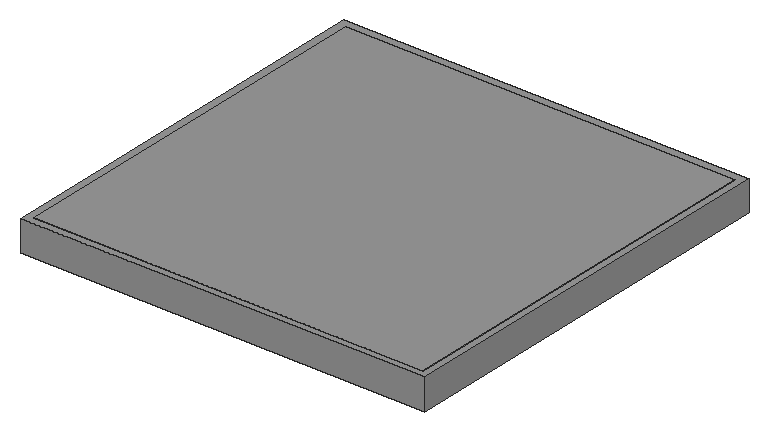
Revit family "ДВО-09 30 Вт Грильято DALI", category Осветительные приборы, Revit 2019 (continued)
Types (6, lengths in mm): name | Эффективность светильника | Файл фотометрической сетки | Тип рассеивателя | Световой поток модуля | built-in parameter 1150142 | Wattage | built-in parameter 1114217 | built-in parameter 1150134 | Lumens | built-in parameter 1150105 | Категория по ограничению яркости | built-in parameter 1150107 | built-in parameter 1150106 | Габаритная яркость | Артикул | URL
  ДВО-09-О-30-4К-IP40-Грильято-DALI | "123" | "INNOLUX 14 954 DVO-09-O-30-4K-IP40-DALI.ies" | "опал" | "1078" | "IESNA: LM-63-1995\r\n[TEST] lab - arhilight 2102145\r\n[MANUFAC] INNOLUX\r\n[LUMCAT] 14 954\r\n[LUMINAIRE] DVO-09-O-30-4Ê-IP40-DALI\r\n[LAMPCAT] LED 30W 4000K\r\n[MORE]\r\n[MORE]\r\n[LAMPCAT]\r\n[LAMP] \r\n[BALLAST] NO\r\n[_PRODUCTGROUP] \r\n[_INFOLINK] This file is created by A.Arkhipov (www.arhilight.ru)\r\nTILT=NONE\r\n \r\n1 3434 1 161 73 1 2 0.588 0.588 0.045\r\n 1  1 30.0\r\n\r\n0 1 2 3 4 5 6 7 8 9 10 11 12 13 14 15 16 17 18 19 20 21 22 23 24 25 26 27 28 29 30 31 32 33 34 35 36 37 38 39 40 41 42 43 44 45 46 47 48 49 50 51 52 53 54 55 56 57 58 59 60 61 62 63 64 65 66 67 68 69 70 71 72 73 74 75 76 77 78 79 80 81 82 83 84 85 86 87 88 89 90 91 92 93 94 95 96 97 98 99 100 101 102 103 104 105 106 107 108 109 110 111 112 113 114 115 116 117 118 119 120 121 122 123 124 125 126 127 128 129 130 131 132 133 134 135 136 137 138 139 140 141 142 143 144 145 146 147 148 149 150 151 152 153 154 155 156 157 158 159 160\r\n\r\n0 2.5 5 7.5 10 12.5 15 17.5 20 22.5 25 27.5 30 32.5 35 37.5 40 42.5 45 47.5 50 52.5 55 57.5 60 62.5 65 67.5 70 72.5 75 77.5 80 82.5 85 87.5 90 92.5 95 97.5 100 102.5 105 107.5 110 112.5 115 117.5 120 122.5 125 127.5 130 132.5 135 137.5 140 142.5 145 147.5 150 152.5 155 157.5 160 162.5 165 167.5 170 172.5 175 177.5 180 \r\n\r\n1213.1 1212.5 1211.3 1209.5 1207.5 1205.0 1202.2 1198.8 1194.8 1190.7 1186.0 1181.0 1175.4 1169.1 1162.5 1155.4 1147.9 1140.1 1131.6 1123.0 1114.0 1104.9 1095.6 1085.8 1075.4 1064.4 1053.3 1041.6 1029.7 1017.2 1004.6 991.4 978.3 964.7 951.1 937.4 923.4 908.9 894.5 879.4 864.4 848.5 832.5 815.9 799.4 782.4 765.5 748.1 730.8 713.1 695.7 677.3 659.3 640.5 621.9 602.4 583.3 563.7 544.6 524.8 505.4 485.4 465.4 444.8 424.7 403.8 382.9 362.4 341.4 320.7 299.8 279.3 258.6 238.4 217.9 198.2 178.3 159.2 140.1 121.9 104.0 87.4 71.6 57.5 44.5 33.3 24.2 17.3 12.3 9.1 7.2 6.3 6.1 6.1 6.1 6.2 6.1 6.2 6.3 6.2 0.0 0.0 0.0 0.0 0.0 0.0 0.0 0.0 0.0 0.0 0.0 0.0 0.0 0.0 0.0 0.0 0.0 0.0 0.0 0.0 0.0 0.0 0.0 0.0 0.0 0.0 0.0 0.0 0.0 0.0 0.0 0.0 0.0 0.0 0.0 0.0 0.0 0.0 0.0 0.0 0.0 0.0 0.0 0.0 0.0 0.0 0.0 0.0 0.0 0.0 0.0 0.0 0.0 0.0 0.0 0.0 0.0 0.0 0.0 0.0 0.0\r\n1213.1 1212.5 1211.4 1209.7 1207.7 1205.2 1202.4 1199.0 1195.1 1191.1 1186.4 1181.3 1175.8 1169.6 1163.1 1156.1 1148.7 1141.0 1132.7 1124.2 1115.2 1105.9 1096.5 1086.6 1076.2 1065.2 1054.2 1042.6 1030.9 1018.7 1006.2 993.3 980.2 966.5 952.8 939.0 924.7 910.3 895.5 880.5 865.0 849.3 833.2 816.8 800.2 783.4 766.4 749.3 732.0 714.6 697.1 679.1 660.9 642.4 623.7 604.6 585.4 566.0 546.5 526.9 507.2 487.3 467.1 446.8 426.5 405.8 385.0 364.5 343.5 322.9 301.9 281.4 260.6 240.4 219.8 200.1 180.2 161.0 141.9 123.4 105.7 88.9 73.1 58.6 45.7 34.3 25.1 18.0 12.9 9.6 7.6 6.6 6.2 6.1 6.2 6.2 6.2 6.2 6.3 6.3 0.0 0.0 0.0 0.0 0.0 0.0 0.0 0.0 0.0 0.0 0.0 0.0 0.0 0.0 0.0 0.0 0.0 0.0 0.0 0.0 0.0 0.0 0.0 0.0 0.0 0.0 0.0 0.0 0.0 0.0 0.0 0.0 0.0 0.0 0.0 0.0 0.0 0.0 0.0 0.0 0.0 0.0 0.0 0.0 0.0 0.0 0.0 0.0 0.0 0.0 0.0 0.0 0.0 0.0 0.0 0.0 0.0 0.0 0.0 0.0 0.0\r\n1213.1 1212.4 1211.4 1209.9 1207.9 1205.4 1202.5 1199.2 1195.4 1191.4 1186.7 1181.5 1176.1 1170.0 1163.6 1156.8 1149.5 1141.8 1133.8 1125.3 1116.3 1106.9 1097.4 1087.3 1076.9 1066.0 1055.1 1043.6 1032.1 1020.1 1007.7 995.1 982.0 968.3 954.5 940.5 926.0 911.6 896.4 881.5 865.6 850.1 833.9 817.7 801.0 784.3 767.3 750.5 733.2 716.1 698.4 680.8 662.5 644.3 625.5 606.7 587.4 568.2 548.4 528.9 509.0 489.1 468.8 448.8 428.2 407.8 387.1 366.6 345.6 325.0 304.0 283.4 262.5 242.3 221.7 201.9 182.0 162.7 143.6 124.9 107.4 90.3 74.6 59.7 46.8 35.2 26.0 18.6 13.5 10.1 7.9 6.9 6.3 6.1 6.2 6.2 6.2 6.2 6.3 6.4 0.0 0.0 0.0 0.0 0.0 0.0 0.0 0.0 0.0 0.0 0.0 0.0 0.0 0.0 0.0 0.0 0.0 0.0 0.0 0.0 0.0 0.0 0.0 0.0 0.0 0.0 0.0 0.0 0.0 0.0 0.0 0.0 0.0 0.0 0.0 0.0 0.0 0.0 0.0 0.0 0.0 0.0 0.0 0.0 0.0 0.0 0.0 0.0 0.0 0.0 0.0 0.0 0.0 0.0 0.0 0.0 0.0 0.0 0.0 0.0 0.0\r\n1213.1 1212.4 1211.2 1209.5 1207.3 1204.6 1201.4 1197.9 1193.9 1189.7 1184.8 1179.6 1173.9 1167.8 1161.1 1154.1 1146.5 1138.6 1130.3 1121.6 1112.5 1102.9 1093.3 1083.0 1072.6 1061.6 1050.5 1038.7 1027.0 1014.6 1002.0 989.0 975.7 961.8 947.9 933.7 919.2 904.6 889.6 874.5 859.0 843.5 827.5 811.2 794.7 777.8 760.8 743.6 726.1 708.5 690.7 672.6 654.3 635.8 617.2 598.2 579.1 559.8 540.3 520.6 500.6 480.7 460.3 440.2 419.4 399.0 378.2 357.6 336.7 316.2 295.3 275.0 254.3 234.4 214.1 194.5 175.0 156.0 137.2 119.1 101.8 85.3 70.0 55.8 43.3 32.6 23.9 17.1 12.4 9.3 7.5 6.7 6.4 6.3 6.4 6.4 6.3 6.4 6.5 6.6 0.0 0.0 0.0 0.0 0.0 0.0 0.0 0.0 0.0 0.0 0.0 0.0 0.0 0.0 0.0 0.0 0.0 0.0 0.0 0.0 0.0 0.0 0.0 0.0 0.0 0.0 0.0 0.0 0.0 0.0 0.0 0.0 0.0 0.0 0.0 0.0 0.0 0.0 0.0 0.0 0.0 0.0 0.0 0.0 0.0 0.0 0.0 0.0 0.0 0.0 0.0 0.0 0.0 0.0 0.0 0.0 0.0 0.0 0.0 0.0 0.0\r\n1213.1 1212.4 1211.0 1209.0 1206.6 1203.8 1200.3 1196.6 1192.3 1187.9 1182.9 1177.6 1171.6 1165.5 1158.5 1151.3 1143.5 1135.3 1126.8 1117.8 1108.6 1098.9 1089.1 1078.7 1068.2 1057.1 1045.8 1033.8 1021.8 1009.1 996.3 982.8 969.3 955.2 941.2 926.8 912.4 897.5 882.7 867.5 852.4 836.8 821.0 804.7 788.4 771.2 754.2 736.6 719.0 700.8 683.0 664.4 646.1 627.2 608.8 589.7 570.8 551.3 532.1 512.2 492.1 472.3 451.8 431.6 410.6 390.1 369.2 348.6 327.7 307.3 286.6 266.5 246.0 226.4 206.4 187.1 167.9 149.3 130.8 113.3 96.2 80.2 65.4 51.9 39.8 29.9 21.7 15.6 11.2 8.5 7.0 6.5 6.4 6.4 6.5 6.6 6.4 6.6 6.7 6.7 0.0 0.0 0.0 0.0 0.0 0.0 0.0 0.0 0.0 0.0 0.0 0.0 0.0 0.0 0.0 0.0 0.0 0.0 0.0 0.0 0.0 0.0 0.0 0.0 0.0 0.0 0.0 0.0 0.0 0.0 0.0 0.0 0.0 0.0 0.0 0.0 0.0 0.0 0.0 0.0 0.0 0.0 0.0 0.0 0.0 0.0 0.0 0.0 0.0 0.0 0.0 0.0 0.0 0.0 0.0 0.0 0.0 0.0 0.0 0.0 0.0\r\n1213.1 1212.5 1211.3 1209.5 1207.5 1205.0 1202.2 1198.8 1194.8 1190.7 1186.0 1181.0 1175.4 1169.1 1162.5 1155.4 1147.9 1140.1 1131.6 1123.0 1114.0 1104.9 1095.6 1085.8 1075.4 1064.4 1053.3 1041.6 1029.7 1017.2 1004.6 991.4 978.3 964.7 951.1 937.4 923.4 908.9 894.5 879.4 864.4 848.5 832.5 815.9 799.4 782.4 765.5 748.1 730.8 713.1 695.7 677.3 659.3 640.5 621.9 602.4 583.3 563.7 544.6 524.8 505.4 485.4 465.4 444.8 424.7 403.8 382.9 362.4 341.4 320.7 299.8 279.3 258.6 238.4 217.9 198.2 178.3 159.2 140.1 121.9 104.0 87.4 71.6 57.5 44.5 33.3 24.2 17.3 12.3 9.1 7.2 6.3 6.1 6.1 6.1 6.2 6.1 6.2 6.3 6.2 0.0 0.0 0.0 0.0 0.0 0.0 0.0 0.0 0.0 0.0 0.0 0.0 0.0 0.0 0.0 0.0 0.0 0.0 0.0 0.0 0.0 0.0 0.0 0.0 0.0 0.0 0.0 0.0 0.0 0.0 0.0 0.0 0.0 0.0 0.0 0.0 0.0 0.0 0.0 0.0 0.0 0.0 0.0 0.0 0.0 0.0 0.0 0.0 0.0 0.0 0.0 0.0 0.0 0.0 0.0 0.0 0.0 0.0 0.0 0.0 0.0\r\n1213.1 1212.5 1211.4 1209.7 1207.7 1205.2 1202.4 1199.0 1195.1 1191.1 1186.4 1181.3 1175.8 1169.6 1163.1 1156.1 1148.7 1141.0 1132.7 1124.2 1115.2 1105.9 1096.5 1086.6 1076.2 1065.2 1054.2 1042.6 1030.9 1018.7 1006.2 993.3 980.2 966.5 952.8 939.0 924.7 910.3 895.5 880.5 865.0 849.3 833.2 816.8 800.2 783.4 766.4 749.3 732.0 714.6 697.1 679.1 660.9 642.4 623.7 604.6 585.4 566.0 546.5 526.9 507.2 487.3 467.1 446.8 426.5 405.8 385.0 364.5 343.5 322.9 301.9 281.4 260.6 240.4 219.8 200.1 180.2 161.0 141.9 123.4 105.7 88.9 73.1 58.6 45.7 34.3 25.1 18.0 12.9 9.6 7.6 6.6 6.2 6.1 6.2 6.2 6.2 6.2 6.3 6.3 0.0 0.0 0.0 0.0 0.0 0.0 0.0 0.0 0.0 0.0 0.0 0.0 0.0 0.0 0.0 0.0 0.0 0.0 0.0 0.0 0.0 0.0 0.0 0.0 0.0 0.0 0.0 0.0 0.0 0.0 0.0 0.0 0.0 0.0 0.0 0.0 0.0 0.0 0.0 0.0 0.0 0.0 0.0 0.0 0.0 0.0 0.0 0.0 0.0 0.0 0.0 0.0 0.0 0.0 0.0 0.0 0.0 0.0 0.0 0.0 0.0\r\n1213.1 1212.4 1211.4 1209.9 1207.9 1205.4 1202.5 1199.2 1195.4 1191.4 1186.7 1181.5 1176.1 1170.0 1163.6 1156.8 1149.5 1141.8 1133.8 1125.3 1116.3 1106.9 1097.4 1087.3 1076.9 1066.0 1055.1 1043.6 1032.1 1020.1 1007.7 995.1 982.0 968.3 954.5 940.5 926.0 911.6 896.4 881.5 865.6 850.1 833.9 817.7 801.0 784.3 767.3 750.5 733.2 716.1 698.4 680.8 662.5 644.3 625.5 606.7 587.4 568.2 548.4 528.9 509.0 489.1 468.8 448.8 428.2 407.8 387.1 366.6 345.6 325.0 304.0 283.4 262.5 242.3 221.7 201.9 182.0 162.7 143.6 124.9 107.4 90.3 74.6 59.7 46.8 35.2 26.0 18.6 13.5 10.1 7.9 6.9 6.3 6.1 6.2 6.2 6.2 6.2 6.3 6.4 0.0 0.0 0.0 0.0 0.0 0.0 0.0 0.0 0.0 0.0 0.0 0.0 0.0 0.0 0.0 0.0 0.0 0.0 0.0 0.0 0.0 0.0 0.0 0.0 0.0 0.0 0.0 0.0 0.0 0.0 0.0 0.0 0.0 0.0 0.0 0.0 0.0 0.0 0.0 0.0 0.0 0.0 0.0 0.0 0.0 0.0 0.0 0.0 0.0 0.0 0.0 0.0 0.0 0.0 0.0 0.0 0.0 0.0 0.0 0.0 0.0\r\n1213.1 1212.4 1211.2 1209.5 1207.3 1204.6 1201.4 1197.9 1193.9 1189.7 1184.8 1179.6 1173.9 1167.8 1161.1 1154.1 1146.5 1138.6 1130.3 1121.6 1112.5 1102.9 1093.3 1083.0 1072.6 1061.6 1050.5 1038.7 1027.0 1014.6 1002.0 989.0 975.7 961.8 947.9 933.7 919.2 904.6 889.6 874.5 859.0 843.5 827.5 811.2 794.7 777.8 760.8 743.6 726.1 708.5 690.7 672.6 654.3 635.8 617.2 598.2 579.1 559.8 540.3 520.6 500.6 480.7 460.3 440.2 419.4 399.0 378.2 357.6 336.7 316.2 295.3 275.0 254.3 234.4 214.1 194.5 175.0 156.0 137.2 119.1 101.8 85.3 70.0 55.8 43.3 32.6 23.9 17.1 12.4 9.3 7.5 6.7 6.4 6.3 6.4 6.4 6.3 6.4 6.5 6.6 0.0 0.0 0.0 0.0 0.0 0.0 0.0 0.0 0.0 0.0 0.0 0.0 0.0 0.0 0.0 0.0 0.0 0.0 0.0 0.0 0.0 0.0 0.0 0.0 0.0 0.0 0.0 0.0 0.0 0.0 0.0 0.0 0.0 0.0 0.0 0.0 0.0 0.0 0.0 0.0 0.0 0.0 0.0 0.0 0.0 0.0 0.0 0.0 0.0 0.0 0.0 0.0 0.0 0.0 0.0 0.0 0.0 0.0 0.0 0.0 0.0\r\n1213.1 1212.4 1211.0 1209.0 1206.6 1203.8 1200.3 1196.6 1192.3 1187.9 1182.9 1177.6 1171.6 1165.5 1158.5 1151.3 1143.5 1135.3 1126.8 1117.8 1108.6 1098.9 1089.1 1078.7 1068.2 1057.1 1045.8 1033.8 1021.8 1009.1 996.3 982.8 969.3 955.2 941.2 926.8 912.4 897.5 882.7 867.5 852.4 836.8 821.0 804.7 788.4 771.2 754.2 736.6 719.0 700.8 683.0 664.4 646.1 627.2 608.8 589.7 570.8 551.3 532.1 512.2 492.1 472.3 451.8 431.6 410.6 390.1 369.2 348.6 327.7 307.3 286.6 266.5 246.0 226.4 206.4 187.1 167.9 149.3 130.8 113.3 96.2 80.2 65.4 51.9 39.8 29.9 21.7 15.6 11.2 8.5 7.0 6.5 6.4 6.4 6.5 6.6 6.4 6.6 6.7 6.7 0.0 0.0 0.0 0.0 0.0 0.0 0.0 0.0 0.0 0.0 0.0 0.0 0.0 0.0 0.0 0.0 0.0 0.0 0.0 0.0 0.0 0.0 0.0 0.0 0.0 0.0 0.0 0.0 0.0 0.0 0.0 0.0 0.0 0.0 0.0 0.0 0.0 0.0 0.0 0.0 0.0 0.0 0.0 0.0 0.0 0.0 0.0 0.0 0.0 0.0 0.0 0.0 0.0 0.0 0.0 0.0 0.0 0.0 0.0 0.0 0.0\r\n1213.1 1212.5 1211.3 1209.5 1207.5 1205.0 1202.2 1198.8 1194.8 1190.7 1186.0 1181.0 1175.4 1169.1 1162.5 1155.4 1147.9 1140.1 1131.6 1123.0 1114.0 1104.9 1095.6 1085.8 1075.4 1064.4 1053.3 1041.6 1029.7 1017.2 1004.6 991.4 978.3 964.7 951.1 937.4 923.4 908.9 894.5 879.4 864.4 848.5 832.5 815.9 799.4 782.4 765.5 748.1 730.8 713.1 695.7 677.3 659.3 640.5 621.9 602.4 583.3 563.7 544.6 524.8 505.4 485.4 465.4 444.8 424.7 403.8 382.9 362.4 341.4 320.7 299.8 279.3 258.6 238.4 217.9 198.2 178.3 159.2 140.1 121.9 104.0 87.4 71.6 57.5 44.5 33.3 24.2 17.3 12.3 9.1 7.2 6.3 6.1 6.1 6.1 6.2 6.1 6.2 6.3 6.2 0.0 0.0 0.0 0.0 0.0 0.0 0.0 0.0 0.0 0.0 0.0 0.0 0.0 0.0 0.0 0.0 0.0 0.0 0.0 0.0 0.0 0.0 0.0 0.0 0.0 0.0 0.0 0.0 0.0 0.0 0.0 0.0 0.0 0.0 0.0 0.0 0.0 0.0 0.0 0.0 0.0 0.0 0.0 0.0 0.0 0.0 0.0 0.0 0.0 0.0 0.0 0.0 0.0 0.0 0.0 0.0 0.0 0.0 0.0 0.0 0.0\r\n1213.1 1212.5 1211.4 1209.7 1207.7 1205.2 1202.4 1199.0 1195.1 1191.1 1186.4 1181.3 1175.8 1169.6 1163.1 1156.1 1148.7 1141.0 1132.7 1124.2 1115.2 1105.9 1096.5 1086.6 1076.2 1065.2 1054.2 1042.6 1030.9 1018.7 1006.2 993.3 980.2 966.5 952.8 939.0 924.7 910.3 895.5 880.5 865.0 849.3 833.2 816.8 800.2 783.4 766.4 749.3 732.0 714.6 697.1 679.1 660.9 642.4 623.7 604.6 585.4 566.0 546.5 526.9 507.2 487.3 467.1 446.8 426.5 405.8 385.0 364.5 343.5 322.9 301.9 281.4 260.6 240.4 219.8 200.1 180.2 161.0 141.9 123.4 105.7 88.9 73.1 58.6 45.7 34.3 25.1 18.0 12.9 9.6 7.6 6.6 6.2 6.1 6.2 6.2 6.2 6.2 6.3 6.3 0.0 0.0 0.0 0.0 0.0 0.0 0.0 0.0 0.0 0.0 0.0 0.0 0.0 0.0 0.0 0.0 0.0 0.0 0.0 0.0 0.0 0.0 0.0 0.0 0.0 0.0 0.0 0.0 0.0 0.0 0.0 0.0 0.0 0.0 0.0 0.0 0.0 0.0 0.0 0.0 0.0 0.0 0.0 0.0 0.0 0.0 0.0 0.0 0.0 0.0 0.0 0.0 0.0 0.0 0.0 0.0 0.0 0.0 0.0 0.0 0.0\r\n1213.1 1212.4 1211.4 1209.9 1207.9 1205.4 1202.5 1199.2 1195.4 1191.4 1186.7 1181.5 1176.1 1170.0 1163.6 1156.8 1149.5 1141.8 1133.8 1125.3 1116.3 1106.9 1097.4 1087.3 1076.9 1066.0 1055.1 1043.6 1032.1 1020.1 1007.7 995.1 982.0 968.3 954.5 940.5 926.0 911.6 896.4 881.5 865.6 850.1 833.9 817.7 801.0 784.3 767.3 750.5 733.2 716.1 698.4 680.8 662.5 644.3 625.5 606.7 587.4 568.2 548.4 528.9 509.0 489.1 468.8 448.8 428.2 407.8 387.1 366.6 345.6 325.0 304.0 283.4 262.5 242.3 221.7 201.9 182.0 162.7 143.6 124.9 107.4 90.3 74.6 59.7 46.8 35.2 26.0 18.6 13.5 10.1 7.9 6.9 6.3 6.1 6.2 6.2 6.2 6.2 6.3 6.4 0.0 0.0 0.0 0.0 0.0 0.0 0.0 0.0 0.0 0.0 0.0 0.0 0.0 0.0 0.0 0.0 0.0 0.0 0.0 0.0 0.0 0.0 0.0 0.0 0.0 0.0 0.0 0.0 0.0 0.0 0.0 0.0 0.0 0.0 0.0 0.0 0.0 0.0 0.0 0.0 0.0 0.0 0.0 0.0 0.0 0.0 0.0 0.0 0.0 0.0 0.0 0.0 0.0 0.0 0.0 0.0 0.0 0.0 0.0 0.0 0.0\r\n1213.1 1212.4 1211.2 1209.5 1207.3 1204.6 1201.4 1197.9 1193.9 1189.7 1184.8 1179.6 1173.9 1167.8 1161.1 1154.1 1146.5 1138.6 1130.3 1121.6 1112.5 1102.9 1093.3 1083.0 1072.6 1061.6 1050.5 1038.7 1027.0 1014.6 1002.0 989.0 975.7 961.8 947.9 933.7 919.2 904.6 889.6 874.5 859.0 843.5 827.5 811.2 794.7 777.8 760.8 743.6 726.1 708.5 690.7 672.6 654.3 635.8 617.2 598.2 579.1 559.8 540.3 520.6 500.6 480.7 460.3 440.2 419.4 399.0 378.2 357.6 336.7 316.2 295.3 275.0 254.3 234.4 214.1 194.5 175.0 156.0 137.2 119.1 101.8 85.3 70.0 55.8 43.3 32.6 23.9 17.1 12.4 9.3 7.5 6.7 6.4 6.3 6.4 6.4 6.3 6.4 6.5 6.6 0.0 0.0 0.0 0.0 0.0 0.0 0.0 0.0 0.0 0.0 0.0 0.0 0.0 0.0 0.0 0.0 0.0 0.0 0.0 0.0 0.0 0.0 0.0 0.0 0.0 0.0 0.0 0.0 0.0 0.0 0.0 0.0 0.0 0.0 0.0 0.0 0.0 0.0 0.0 0.0 0.0 0.0 0.0 0.0 0.0 0.0 0.0 0.0 0.0 0.0 0.0 0.0 0.0 0.0 0.0 0.0 0.0 0.0 0.0 0.0 0.0\r\n1213.1 1212.4 1211.0 1209.0 1206.6 1203.8 1200.3 1196.6 1192.3 1187.9 1182.9 1177.6 1171.6 1165.5 1158.5 1151.3 1143.5 1135.3 1126.8 1117.8 1108.6 1098.9 1089.1 1078.7 1068.2 1057.1 1045.8 1033.8 1021.8 1009.1 996.3 982.8 969.3 955.2 941.2 926.8 912.4 897.5 882.7 867.5 852.4 836.8 821.0 804.7 788.4 771.2 754.2 736.6 719.0 700.8 683.0 664.4 646.1 627.2 608.8 589.7 570.8 551.3 532.1 512.2 492.1 472.3 451.8 431.6 410.6 390.1 369.2 348.6 327.7 307.3 286.6 266.5 246.0 226.4 206.4 187.1 167.9 149.3 130.8 113.3 96.2 80.2 65.4 51.9 39.8 29.9 21.7 15.6 11.2 8.5 7.0 6.5 6.4 6.4 6.5 6.6 6.4 6.6 6.7 6.7 0.0 0.0 0.0 0.0 0.0 0.0 0.0 0.0 0.0 0.0 0.0 0.0 0.0 0.0 0.0 0.0 0.0 0.0 0.0 0.0 0.0 0.0 0.0 0.0 0.0 0.0 0.0 0.0 0.0 0.0 0.0 0.0 0.0 0.0 0.0 0.0 0.0 0.0 0.0 0.0 0.0 0.0 0.0 0.0 0.0 0.0 0.0 0.0 0.0 0.0 0.0 0.0 0.0 0.0 0.0 0.0 0.0 0.0 0.0 0.0 0.0\r\n1213.1 1212.5 1211.3 1209.5 1207.5 1205.0 1202.2 1198.8 1194.8 1190.7 1186.0 1181.0 1175.4 1169.1 1162.5 1155.4 1147.9 1140.1 1131.6 1123.0 1114.0 1104.9 1095.6 1085.8 1075.4 1064.4 1053.3 1041.6 1029.7 1017.2 1004.6 991.4 978.3 964.7 951.1 937.4 923.4 908.9 894.5 879.4 864.4 848.5 832.5 815.9 799.4 782.4 765.5 748.1 730.8 713.1 695.7 677.3 659.3 640.5 621.9 602.4 583.3 563.7 544.6 524.8 505.4 485.4 465.4 444.8 424.7 403.8 382.9 362.4 341.4 320.7 299.8 279.3 258.6 238.4 217.9 198.2 178.3 159.2 140.1 121.9 104.0 87.4 71.6 57.5 44.5 33.3 24.2 17.3 12.3 9.1 7.2 6.3 6.1 6.1 6.1 6.2 6.1 6.2 6.3 6.2 0.0 0.0 0.0 0.0 0.0 0.0 0.0 0.0 0.0 0.0 0.0 0.0 0.0 0.0 0.0 0.0 0.0 0.0 0.0 0.0 0.0 0.0 0.0 0.0 0.0 0.0 0.0 0.0 0.0 0.0 0.0 0.0 0.0 0.0 0.0 0.0 0.0 0.0 0.0 0.0 0.0 0.0 0.0 0.0 0.0 0.0 0.0 0.0 0.0 0.0 0.0 0.0 0.0 0.0 0.0 0.0 0.0 0.0 0.0 0.0 0.0\r\n1213.1 1212.5 1211.4 1209.7 1207.7 1205.2 1202.4 1199.0 1195.1 1191.1 1186.4 1181.3 1175.8 1169.6 1163.1 1156.1 1148.7 1141.0 1132.7 1124.2 1115.2 1105.9 1096.5 1086.6 1076.2 1065.2 1054.2 1042.6 1030.9 1018.7 1006.2 993.3 980.2 966.5 952.8 939.0 924.7 910.3 895.5 880.5 865.0 849.3 833.2 816.8 800.2 783.4 766.4 749.3 732.0 714.6 697.1 679.1 660.9 642.4 623.7 604.6 585.4 566.0 546.5 526.9 507.2 487.3 467.1 446.8 426.5 405.8 385.0 364.5 343.5 322.9 301.9 281.4 260.6 240.4 219.8 200.1 180.2 161.0 141.9 123.4 105.7 88.9 73.1 58.6 45.7 34.3 25.1 18.0 12.9 9.6 7.6 6.6 6.2 6.1 6.2 6.2 6.2 6.2 6.3 6.3 0.0 0.0 0.0 0.0 0.0 0.0 0.0 0.0 0.0 0.0 0.0 0.0 0.0 0.0 0.0 0.0 0.0 0.0 0.0 0.0 0.0 0.0 0.0 0.0 0.0 0.0 0.0 0.0 0.0 0.0 0.0 0.0 0.0 0.0 0.0 0.0 0.0 0.0 0.0 0.0 0.0 0.0 0.0 0.0 0.0 0.0 0.0 0.0 0.0 0.0 0.0 0.0 0.0 0.0 0.0 0.0 0.0 0.0 0.0 0.0 0.0\r\n1213.1 1212.4 1211.4 1209.9 1207.9 1205.4 1202.5 1199.2 1195.4 1191.4 1186.7 1181.5 1176.1 1170.0 1163.6 1156.8 1149.5 1141.8 1133.8 1125.3 1116.3 1106.9 1097.4 1087.3 1076.9 1066.0 
